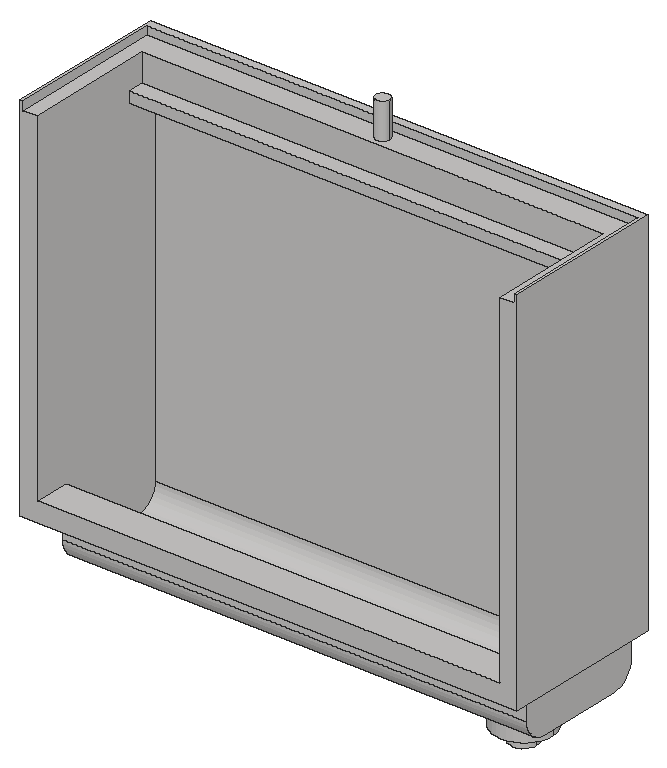
Revit family
Parameters (values of type "915 X 300")
  Waste Connection Radius = Waste Connection Diameter / 2  # 25 mm
  Waste Connection Diameter = 50 mm
  Waste Connection = 1 = 1  # yes
  WFU = 0
  Vent Connection = 1 = 0  # no
  URL = "http://www.autospec.co.za/browse.php?id=1644179284"
  Product Code = "None"
  OmniClass Title = ""
  OmniClass Number = ""
  Modspec Classification = ""
  Specification = ""
  Location (revit room) = ""
  Material = Stainless Steel Grade 304
  Inlet Pipe Radius = Inlet Pipe Diameter / 2  # 12.5 mm
  Inlet Pipe Diameter = 25 mm
  Height = 780 mm
  HW Connection = 1 = 0  # no
  Description = ""
  Depth = 300 mm
  Default Elevation = 0 mm
  Colour = none
  CWFU = 0
  CW Connection = 1 = 1  # yes
  Body Finish = none
  Width = 915 mm
  Model = "Trough Urinal KTU-915 X 300"
  Manufacturer = "Kwikot"  # constant formula
  Assembly Code = "D2010210"
Types (8, lengths in mm): name | Waste Connection Radius | Waste Connection Diameter | Width | Model
  (no name) | 25 | 50 | 915 | "Trough Urinal KTU-915 X 300"
  1830 X 300 | 20 | 40 | 1830 | "Trough Urinal KTU-1830 X 300"
  1675 X 300 | 25 | 50 | 1675 | "Trough Urinal KTU-1675 X 300"
  1525 X 300 | 25 | 50 | 1525 | "Trough Urinal KTU-1525 X 300"
  1370 X 300 | 25 | 50 | 1370 | "Trough Urinal KTU-1370 X 300"
  1220 X 300 | 25 | 50 | 1220 | "Trough Urinal KTU-1220 X 300"
  1065 X 300 | 25 | 50 | 1065 | "Trough Urinal KTU-1065 X 300"
  915 X 300 | 25 | 50 | 915 | "Trough Urinal KTU-915 X 300"
Reference planes
  plane 1 "Back": y = 0
  plane 2 "Bottom": z = 0
  plane 3 "Center (Left/Right)": x = 0
  plane 4 "Left": x = -457.5
  plane 5 "Right": x = 457.5
  plane 6 "Front": y = -300
  plane 7 "Top": z = 780
  plane 8: x = 427.5
  plane 9: x = -427.5
  plane 10: x = 357.5
  plane 11: y = -160
Forms (mm)
  Extrusion 1, solid, material "Stainless Steel Grade 304" <- "Material"
    sketch origin (-457.5, -491, 4000) x (0, -1, 0) y (0, 0, 1)
      loop
        line (-491, -4000) -> (-191, -4000) -> (-191, -3220) -> (-491, -3220) -> (-491, -4000)
    from 0 to -915
  Extrusion 2, void
    sketch origin (-457.5, -491, 4000) x (0, 1, 0) y (0, 0, 1)
      loop
        line (251, -3905) -> (191, -3905) -> (191, -4030) -> (521, -4030) -> (521, -3960) -> (491, -3960)
        arc (491, -3960) -> (479.284, -3988.284) -> (451, -4000) r 40
        line (451, -4000) -> (291, -4000)
        arc (291, -4000) -> (262.716, -3988.284) -> (251, -3960) r 40
        line (251, -3960) -> (251, -3905)
    from 30 to 885
  Extrusion 3, void
    sketch origin (-820.338, -300, 4000) x (1, 0, 0) y (0, 0, 1)
      loop
        line (392.838, -4000) -> (392.838, -3905) -> (362.838, -3905) -> (362.838, -4000) -> (392.838, -4000)
      loop
        line (1247.838, -4000) -> (1277.838, -4000) -> (1277.838, -3905) -> (1247.838, -3905) -> (1247.838, -4000)
    from 0 to -300
  Extrusion 4, void
    sketch origin (-820.338, -300, 4000) x (1, 0, 0) y (0, 0, 1)
      loop
        line (394.838, -3220) -> (394.838, -3870) -> (1245.838, -3870) -> (1245.838, -3220) -> (394.838, -3220)
    from 0 to -270
  Extrusion 5, void
    sketch origin (-457.5, -491, 4000) x (0, 1, 0) y (0, 0, 1)
      loop
        line (461, -3955) -> (461, -3870) -> (256, -3870) -> (256, -3955)
        arc (256, -3955) -> (267.716, -3983.284) -> (296, -3995) r 40
        line (296, -3995) -> (421, -3995)
        arc (421, -3995) -> (449.284, -3983.284) -> (461, -3955) r 40
    from 32 to 883
  Extrusion 6, void
    sketch origin (-779.234, -1524, 780) x (0, -1, 0) y (-1, 0, 0)
      loop
        line (-1224, -326.734) -> (-1509, -326.734) -> (-1509, -1231.734) -> (-1224, -1231.734) -> (-1224, -326.734)
    from 0 to 15
  Extrusion 7, solid, material "Stainless Steel Grade 304" <- "Material"
    sketch origin (-457.5, -491, 4000) x (0, -1, 0) y (0, 0, 1)
      loop
        line (-461, -3235) -> (-461, -3305) -> (-401, -3305) -> (-401, -3285) -> (-431, -3285) -> (-431, -3235) -> (-461, -3235)
    from -32 to -883
  Extrusion 8, solid, material "Stainless Steel Grade 304" <- "Material"
    sketch origin (0, 0, 0) x (1, 0, 0) y (0, 1, 0)
      loop
        circle (357.5, -160) r 35
      loop
        circle (357.5, -160) r 53
    from 5 to -25
  Extrusion 9, solid, material "Stainless Steel Grade 304"
    sketch origin (-779.234, -1524, 780) x (-1, 0, 0) y (0, -1, 0)
      loop
        circle (-779.234, -1486.5) r 12.5
    from -15 to 50
  Extrusion 10, solid, material "Stainless Steel Grade 304" <- "Material"
    sketch origin (0, 0, 0) x (1, 0, 0) y (0, 1, 0)
      loop
        circle (357.5, -160) r 25
      loop
        circle (357.5, -160) r 23
    from -25 to -50
  Extrusion 11, void
    sketch origin (0, 0, 0) x (0, 1, 0) y (1, 0, 0)
      loop
        circle (-160, 357.5) r 35
    from 0 to -5
  Extrusion 12, solid, material "Stainless Steel Grade 304" <- "Material"
    sketch origin (0, 0, -25) x (0, 1, 0) y (1, 0, 0)
      loop
        circle (-160, 357.5) r 35
      loop
        circle (-160, 357.5) r 25
    from 0 to -3
Cuts and joins
  Extrusion 2, Extrusion 3, Extrusion 4, Extrusion 5, Extrusion 6, Extrusion 11 cuts Extrusion 1
  Extrusion 11 cuts Extrusion 7
  Extrusion 11 cuts Extrusion 8
  Extrusion 11 cuts Extrusion 10
  joined: Extrusion 1, Extrusion 7, Extrusion 8, Extrusion 10, Extrusion 12
Lines and regions (mm)
  symbolic lines
    curve 1: line (-457.5, -300, 780) -> (457.5, -300, 780)
    curve 2: line (457.5, -300, 780) -> (457.5, 0, 780)
    curve 3: line (457.5, 0, 780) -> (-457.5, 0, 780)
    curve 4: line (-457.5, 0, 780) -> (-457.5, -300, 780)
    curve 5: line (452.5, -15, 780) -> (-452.5, -15, 780)
    curve 6: line (-452.5, -15, 780) -> (-452.5, -300, 780)
    curve 7: line (-425.5, -30, 780) -> (-425.5, -300, 780)
    curve 8: line (-425.5, -90, 780) -> (425.5, -90, 780)
    curve 9: line (-425.5, -60, 780) -> (425.5, -60, 780)
    curve 10: line (-425.5, -235, 780) -> (425.5, -235, 780)
    curve 11: line (425.5, -300, 780) -> (425.5, -30, 780)
    curve 12: line (425.5, -30, 780) -> (-425.5, -30, 780)
  symbolic lines, detail levels fine
    curve 13: arc (-12.5, -37.5, 780) -> (0, -50, 780) -> (12.5, -37.5, 780) r 12.5
    curve 14: arc (12.5, -37.5, 780) -> (0, -25, 780) -> (-12.5, -37.5, 780) r 12.5
    curve 15: arc (382.5, -160, -25) -> (357.5, -185, -25) -> (332.5, -160, -25) r 25
    curve 16: arc (332.5, -160, -25) -> (357.5, -135, -25) -> (382.5, -160, -25) r 25
    curve 17: arc (392.5, -160, -25) -> (357.5, -195, -25) -> (322.5, -160, -25) r 35
    curve 18: arc (322.5, -160, -25) -> (357.5, -125, -25) -> (392.5, -160, -25) r 35
Dimensions and locks
  "Height": plane 7 "Top" to plane 2 "Bottom"
  "Width": plane 4 "Left" to plane 5 "Right"
  equal spacing: plane 4 "Left", plane 3 "Center (Left/Right)", plane 5 "Right"
  "Depth": plane 1 "Back" to plane 6 "Front"
  plane 7 "Top" to Extrusion 7 = 85 mm
  locked: Extrusion 4 sketch curve to plane 5 "Right" at 32
  locked: plane 4 "Left" to Extrusion 4 sketch curve at 32
  locked: plane 4 "Left" to plane 9 at 30
  locked: plane 8 to plane 5 "Right" at 30
  cut or joined group 1 (Extrusion 1, Extrusion 2, Extrusion 3, Extrusion 4, Extrusion 5, Extrusion 6, Extrusion 7, Extrusion 8, Extrusion 10, Extrusion 11, Extrusion 12) to plane 8 = 2 mm
  Extrusion 9 sketch curve to plane 1 "Back" = 37.5 mm
  Extrusion 10 sketch curve to plane 5 "Right" = 100 mm
  Extrusion 10 sketch curve to plane 1 "Back" = 160 mm
  cut or joined group 1 to plane 6 "Front" = 60 mm
  plane 10 to plane 5 "Right" = 100 mm
  Extrusion 8 sketch curve to plane 6 "Front" = 140 mm
  plane 11 to plane 6 "Front" = 140 mm
  radius of Extrusion 8 sketch curve = 35 mm
  "Inlet Pipe Radius": radius of Extrusion 9 sketch curve
  "Waste Connection Radius": radius of Extrusion 10 sketch curve
  radius of Extrusion 2 sketch curve = 40 mm  (x2)
  aligned and locked: plane 2 "Bottom" to level
  aligned and locked: Extrusion 1 sketch curve to level
  aligned and locked: Extrusion 1 sketch curve to plane 1 "Back"
  aligned and locked: plane 7 "Top" to Extrusion 1 sketch curve
  aligned and locked: Extrusion 1 sketch curve to plane 6 "Front"
  aligned and locked: Extrusion 3 sketch curve to cut or joined group 1  (x3)
  aligned and locked: Extrusion 3 sketch curve to plane 4 "Left"
  aligned and locked: Extrusion 3 sketch curve to plane 5 "Right"
  aligned and locked: Extrusion 3 sketch curve to plane 2 "Bottom"
  aligned and locked: Extrusion 3 sketch curve to Extrusion 3 sketch curve
  aligned and locked: plane 7 "Top" to Extrusion 4 sketch curve
  aligned and locked: Extrusion 5 sketch curve to cut or joined group 1
  aligned and locked: cut or joined group 1 to Extrusion 5 sketch curve
  aligned and locked: cut or joined group 1 to Extrusion 6 sketch curve
  aligned and locked: Extrusion 7 sketch curve to cut or joined group 1  (x2)
  aligned and locked: cut or joined group 1 to Extrusion 7  (x2)
  aligned and locked: Extrusion 1 to plane 5 "Right"
  aligned and locked: Extrusion 2 to Extrusion 3
  aligned and locked: Extrusion 2 to plane 8
  aligned and locked: Extrusion 5 to Extrusion 4
  aligned and locked: plane 3 "Center (Left/Right)" to Extrusion 9 sketch curve
  aligned and locked: cut or joined group 1 to Extrusion 9
  aligned and locked: Extrusion 10 to cut or joined group 1
  aligned and locked: curve 1 to cut or joined group 1
  aligned and locked: curve 2 to cut or joined group 1
  aligned and locked: curve 3 to cut or joined group 1
  aligned and locked: curve 4 to cut or joined group 1
  aligned and locked: curve 5 to cut or joined group 1
  aligned and locked: curve 6 to cut or joined group 1
  aligned and locked: curve 7 to cut or joined group 1
  aligned and locked: curve 8 to cut or joined group 1
  aligned and locked: curve 9 to cut or joined group 1
  aligned and locked: curve 10 to cut or joined group 1
  aligned and locked: curve 11 to cut or joined group 1
  aligned and locked: curve 13 to Extrusion 9
  aligned and locked: curve 14 to Extrusion 9
  aligned and locked: plane 10 to Extrusion 10 sketch curve
  aligned and locked: Extrusion 11 sketch curve to cut or joined group 1  (x2)
  aligned and locked: Extrusion 11 to Extrusion 5
  aligned and locked: Extrusion 12 sketch curve to cut or joined group 1  (x4)
  aligned and locked: Extrusion 8 to Extrusion 5
  aligned and locked: curve 15 to cut or joined group 1
  aligned and locked: curve 16 to cut or joined group 1
  aligned and locked: curve 17 to cut or joined group 1
  aligned and locked: curve 18 to cut or joined group 1
  aligned and locked: plane 10 to Extrusion 8 sketch curve
Automatic sketch dimensions
  Extrusion 2 sketch curve to plane 6 "Front" = 0 mm
  Extrusion 2 sketch curve to level = 0 mm
  Extrusion 2 sketch curve to plane 1 "Back" = 0 mm
  plane 6 "Front" to Extrusion 2 sketch curve = 60 mm
  Extrusion 2 sketch curve to Extrusion 2 sketch curve = 30 mm
  Extrusion 2 sketch curve to level = 30 mm
  plane 1 "Back" to Extrusion 5 sketch curve = 70 mm
  plane 6 "Front" to Extrusion 5 sketch curve = 105 mm
  plane 6 "Front" to Extrusion 5 sketch curve = 65 mm
  plane 1 "Back" to Extrusion 6 sketch curve = 15 mm
  plane 5 "Right" to Extrusion 6 sketch curve = 5 mm
  Extrusion 6 sketch curve to plane 4 "Left" = 5 mm
  Extrusion 7 sketch curve to Extrusion 7 sketch curve = 30 mm  (x2)
  Extrusion 7 sketch curve to Extrusion 7 sketch curve = 50 mm
  Extrusion 7 sketch curve to Extrusion 7 sketch curve = 20 mm
  Extrusion 2 sketch curve to Extrusion 2 sketch curve = 55 mm
  Extrusion 3 sketch curve to Extrusion 3 sketch curve = 95 mm
  level to Extrusion 4 sketch curve = 130 mm
  level to Extrusion 5 sketch curve = 45 mm
  curve 1 to plane 5 "Right" = 0 mm
  curve 11 to plane 6 "Front" = 0 mm
  plane 1 "Back" to curve 4 = 0 mm
  curve 4 to plane 4 "Left" = 0 mm
  plane 5 "Right" to curve 5 = 5 mm
  plane 8 to curve 12 = 2 mm
  curve 7 to plane 9 = 2 mm
  curve 6 to plane 4 "Left" = 5 mm
  plane 1 "Back" to curve 6 = 15 mm
  plane 1 "Back" to curve 11 = 30 mm
  curve 7 to curve 9 = 30 mm
  curve 9 to curve 8 = 30 mm
  plane 6 "Front" to curve 10 = 65 mm
  Extrusion 8 sketch curve to plane 10 = 0 mm
  Extrusion 10 sketch curve to plane 11 = 0 mm
  Extrusion 8 sketch curve to Extrusion 8 sketch curve = 0 mm
  radius of Extrusion 10 sketch curve = 23 mm
  radius of Extrusion 8 sketch curve = 53 mm
Connectors
  piping at (357.5, -160, -50), driven by "Waste Connection Radius", driven by "WFU"
    settings: on cut or joined group 1, index 1, connector radius 25 mm, flow factor 0, pipe flow 0.0 L/s, pressure drop 0.0 Pa, fitting loss kfactor 0, connector angle 0.00°, fixture units 0, flow configuration 3, flow direction 2, fitting loss method 0, system type 16, connector reference index -1, connector utility 0, adjustable connector no, is connector primary no, fitting loss table "", connector description ""
  piping at (0, -37.5, 830), driven by "Inlet Pipe Radius", driven by "CWFU"
    settings: on Extrusion 9, index 2, connector radius 12.5 mm, flow factor 0, pipe flow 0.0 L/s, pressure drop 0.0 Pa, fitting loss kfactor 0, connector angle 0.00°, fixture units 0, flow configuration 3, flow direction 1, fitting loss method 0, system type 20, connector reference index -1, connector utility 0, adjustable connector no, is connector primary yes, fitting loss table "", connector description ""
